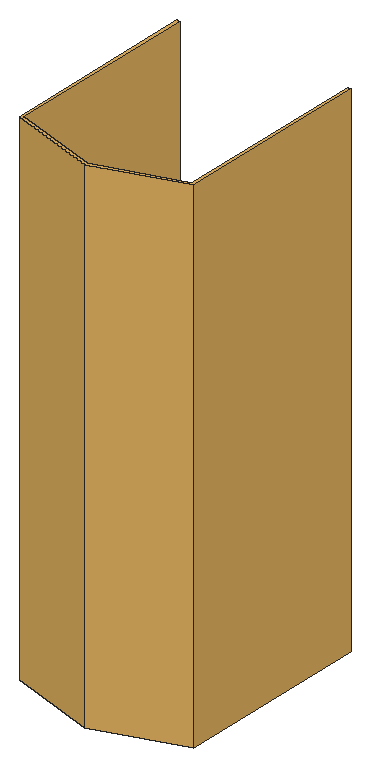
Revit family "Safety-Equipment_Formed-Metal-Guards_Omega-Industrial_Pipe-Downspout-Guard-Column-Mounted", category Generic Models, Revit 2026
Family settings
  Can host rebar = No
  Round Connector Dimension = Use Diameter
  Part Type = Normal
  Classification Number = 23.30.80.17
  Work Plane-Based = Yes
  Always vertical = Yes
  Cut with Voids When Loaded = No
  Maintain Annotation Orientation = No
  Shared = No
  Room Calculation Point = No
Parameters (values of type "12in x 14in")
  Warranty Duration (Years) = 0
  Unit Width = 1' - 0"
  Unit Height = 3' - 0"
  Unit Depth = 1' - 2"
  URL = "https://www.arcat.com/arcatcos/cos42/arc42113.html"
  Test Data = ""
  Specification = "https://www.arcat.com/sd/clients/omegaind.html?coid=42113"
  SpecWizard = ""
  Send Message = "https://www.omegaindl.com/lp-contact-us/"
  Sales Information = "https://www.omegaindl.com/lp-request-quote/"
  Revision = "R0_06-2018"
  Product Properties = "https://www.omegaindl.com/products/"
  Product Data = "https://www.arcat.com/arcatcos/cos42/arc42113.html"
  Guard Material = Omega_7 Ga. Steel
  Model = "OM3310CM"
  Manufacturer Website = "https://www.omegaindl.com/"
  Manufacturer Phone - Toll Free = "800-521-8272"
  Manufacturer Phone = "800-521-8272"
  Manufacturer Fax = "262-284-4199"
  Manufacturer Email = "inquiry@omegaindl.com"
  Manufacturer Address = "795 Progress Dr. P. O. Box 80303 Sawkville, WI 53080"
  Manufacturer = "Omega Industrial Products, Inc."
  Maintenance Schedule (Months) = 0
  Keynote = "41 67 19"
  Installation-Fabrication = ""
  Installation Phase = "Industrial Safety Equipment"
  Green Building-LEED = ""
  Expected Lifespan (Years) = 25
  Drawn By = "Sumex Design, Inc. / Robert S. Weygant, CSI, CDT, SCIP"
  Description = "Column Mounted Pipe & Downspout Guard"
  Default Elevation = 4' - 0"
  Copyright = "2018 ARCAT, Inc."
  Construction Details = ""
  Company_ID = 42113
  Building Codes = ""
  Assembly Code = "E1090"
Types (2): name | Unit Width | Unit Depth | Model
  8in x 10in | 0' - 8" | 0' - 10" | "OM3306CM"
  12in x 14in | 1' - 0" | 1' - 2" | "OM3310CM"
Reference planes (in)
  plane 1 "Center (Front/Back)": y = 0
  plane 2: z = 0
  plane 3 "Center (Left/Right)": x = 0
  plane 4: x = 6
  plane 5: x = -6
  plane 6: y = 7
  plane 7: y = -7
  plane 8: z = 36
  plane 9: y = -9
  plane 10: x = -6.1875
  plane 11: x = 6.1875
Forms (in)
  Extrusion 1, solid, material "Omega_7 Ga. Steel" <- "Guard Material"
    sketch origin (0, 0, 0) x (1, 0, 0) y (0, 1, 0)
      loop
        line (6.1875, 7) -> (6, 7) -> (6, -6.88176) -> (0, -8.79221) -> (-6, -6.88176) -> (-6, 7) -> (-6.1875, 7) -> (-6.1875, -7) -> (0, -9) -> (6.1875, -7) -> (6.1875, 7)
    from 0 to 36
Dimensions and locks (in)
  equal spacing: plane 5, plane 3 "Center (Left/Right)", plane 4
  "Unit Width": plane 5 to plane 4
  equal spacing: plane 7, plane 1 "Center (Front/Back)", plane 6
  "Unit Depth": plane 7 to plane 6
  locked: plane 9 to plane 7 at 2
  locked: plane 10 to plane 5 at 0.1875
  "Unit Height": plane 8 to level
  locked: plane 4 to plane 11 at 0.1875
  aligned and locked: plane 10 to Extrusion 1 sketch curve
  aligned and locked: plane 5 to Extrusion 1 sketch curve
  aligned and locked: Extrusion 1 sketch curve to plane 4
  aligned and locked: Extrusion 1 sketch curve to plane 11
  aligned and locked: Extrusion 1 sketch curve to plane 6  (x2)
  aligned and locked: plane 7 to Extrusion 1 sketch curve  (x2)
  aligned and locked: plane 9 to Extrusion 1 sketch curve
  aligned and locked: Extrusion 1 to plane 8
Automatic sketch dimensions
  Extrusion 1 sketch curve to plane 3 "Center (Left/Right)" = 0' - 0"  (x2)
  Extrusion 1 sketch curve to plane 9 = 0' - 0.20779"
  Extrusion 1 sketch curve to plane 7 = 0' - 0.11824"  (x2)
